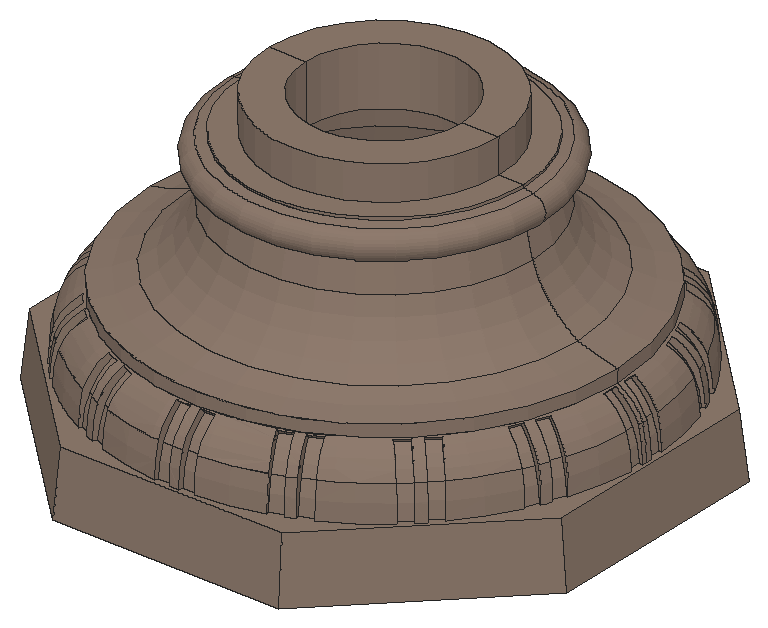
Revit family "CB9101", category Generic Models, Revit 2014
Parameters
  BASE = Bronze
Reference planes (in)
  plane 1 "Center (Front/Back)": y = 0
  plane 2: z = 0
  plane 3 "Center (Left/Right)": x = 0
Forms (in)
  Revolve 1, solid, material "Bronze" <- "BASE"
    sketch origin (0, 0, 0) x (1, 0, 0) y (0, 0, 1)
      loop
        line (-3.56, 6.8125) -> (-3.82264, 6.76636)
        arc (-3.82264, 6.76636) -> (-4.12487, 6.41592) -> (-3.8416, 6.04999) r 0.36563
        line (-3.8416, 6.04999) -> (-3.625, 6) -> (-3.80108, 5.23707)
        arc (-3.80108, 5.23707) -> (-4.23116, 4.40015) -> (-4.95177, 3.79506) r 2.38213
        arc (-4.95177, 3.79506) -> (-5.45809, 3.60819) -> (-5.98684, 3.5) r 3.55976
        line (-5.98684, 3.5) -> (-5.98684, 3.1875)
        arc (-5.98684, 3.1875) -> (-6.36021, 2.8908) -> (-6.61367, 2.48683) r 1.41371
        arc (-6.61367, 2.48683) -> (-6.69675, 2.0595) -> (-6.72368, 1.625) r 3.34891
        line (-6.72368, 1.625) -> (-6.21274, 1.625) -> (-6.21274, 1.88516)
        arc (-6.21274, 1.88516) -> (-6.01167, 2.49713) -> (-5.48684, 2.87059) r 1.03183
        line (-5.48684, 2.87059) -> (-5.48684, 3.08383)
        arc (-5.48684, 3.08383) -> (-5.10083, 3.19694) -> (-4.72791, 3.34768) r 4.05976
        arc (-4.72791, 3.34768) -> (-3.842, 4.08631) -> (-3.31712, 5.1134) r 2.87897
        line (-3.31712, 5.1134) -> (-3.0987, 6.05641)
        arc (-3.0987, 6.05641) -> (-3.0107, 6.19571) -> (-2.85514, 6.25) r 0.25
        line (-2.85514, 6.25) -> (-2, 6.25) -> (-2, 7.75) -> (-2.935, 7.75) -> (-2.935, 6.875) -> (-3.56, 6.875) -> (-3.56, 6.8125)
      axis (0, 7.75) -> (0, 1.625)
    angle from 0 to 360
  Extrusion 2, solid, material "Bronze" <- "BASE"
    sketch origin (0, 0, -6) x (1, 0, 0) y (0, 1, 0)
      loop
        line (7, 2.89949) -> (2.89949, 7) -> (-2.89949, 7) -> (-7, 2.89949) -> (-7, -2.89949) -> (-2.89949, -7) -> (2.89949, -7) -> (7, -2.89949) -> (7, 2.89949)
    from 6 to 7.625
  Extrusion 3, void
    sketch origin (0, 0, 0) x (1, 0, 0) y (0, 0, 1)
      loop
        arc (5.90118, 3.05066) -> (6.22275, 2.75915) -> (6.45095, 2.38995) r 1.55093
        arc (6.45095, 2.38995) -> (6.57525, 2.01571) -> (6.62857, 1.625) r 2.13374
        line (6.62857, 1.625) -> (6.72368, 1.625)
        arc (6.72368, 1.625) -> (6.69675, 2.0595) -> (6.61367, 2.48683) r 3.34891
        arc (6.61367, 2.48683) -> (6.37959, 2.88256) -> (6.02161, 3.17109) r 1.29032
        line (6.02161, 3.17109) -> (5.90118, 3.05066)
    from 0.125 to 0.5
  Extrusion 4, void
    sketch origin (0.0009, 0, 0) x (1, 0, 0) y (0, 0, 1)
      loop
        arc (5.90908, 3.05911) -> (6.21919, 2.77173) -> (6.44016, 2.41127) r 1.55093
        arc (6.44016, 2.41127) -> (6.56685, 2.02664) -> (6.61858, 1.625) r 2.13374
        line (6.61858, 1.625) -> (6.72368, 1.625)
        arc (6.72368, 1.625) -> (6.69675, 2.0595) -> (6.61367, 2.48683) r 3.34891
        arc (6.61367, 2.48683) -> (6.37946, 2.88271) -> (6.02126, 3.17128) r 1.29032
        line (6.02126, 3.17128) -> (5.90908, 3.05911)
    from -0.5 to -0.125
  Extrusion 5, void
    sketch origin (0, 0, 0) x (-1, 0, 0) y (0, 0, 1)
      loop
        arc (5.90118, 3.05066) -> (6.22275, 2.75915) -> (6.45095, 2.38995) r 1.55093
        arc (6.45095, 2.38995) -> (6.57525, 2.01571) -> (6.62857, 1.625) r 2.13374
        line (6.62857, 1.625) -> (6.72368, 1.625)
        arc (6.72368, 1.625) -> (6.69675, 2.0595) -> (6.61367, 2.48683) r 3.34891
        arc (6.61367, 2.48683) -> (6.37959, 2.88256) -> (6.02161, 3.17109) r 1.29032
        line (6.02161, 3.17109) -> (5.90118, 3.05066)
    from 0.125 to 0.5
  Extrusion 6, void
    sketch origin (-0.0009, 0, 0) x (-1, 0, 0) y (0, 0, 1)
      loop
        arc (5.90908, 3.05911) -> (6.21919, 2.77173) -> (6.44016, 2.41127) r 1.55093
        arc (6.44016, 2.41127) -> (6.56685, 2.02664) -> (6.61858, 1.625) r 2.13374
        line (6.61858, 1.625) -> (6.72368, 1.625)
        arc (6.72368, 1.625) -> (6.69675, 2.0595) -> (6.61367, 2.48683) r 3.34891
        arc (6.61367, 2.48683) -> (6.37946, 2.88271) -> (6.02126, 3.17128) r 1.29032
        line (6.02126, 3.17128) -> (5.90908, 3.05911)
    from -0.5 to -0.125
  Extrusion 7, void
    sketch origin (0, 0, 0) x (0.92388, -0.382683, 0) y (0, 0, 1)
      loop
        arc (5.90118, 3.05066) -> (6.22275, 2.75915) -> (6.45095, 2.38995) r 1.55093
        arc (6.45095, 2.38995) -> (6.57525, 2.01571) -> (6.62857, 1.625) r 2.13374
        line (6.62857, 1.625) -> (6.72368, 1.625)
        arc (6.72368, 1.625) -> (6.69675, 2.0595) -> (6.61367, 2.48683) r 3.34891
        arc (6.61367, 2.48683) -> (6.37959, 2.88256) -> (6.02161, 3.17109) r 1.29032
        line (6.02161, 3.17109) -> (5.90118, 3.05066)
    from 0.125 to 0.5
  Extrusion 8, void
    sketch origin (0.00083, -0.00034, 0) x (0.92388, -0.382683, 0) y (0, 0, 1)
      loop
        arc (5.90908, 3.05911) -> (6.21919, 2.77173) -> (6.44016, 2.41127) r 1.55093
        arc (6.44016, 2.41127) -> (6.56685, 2.02664) -> (6.61858, 1.625) r 2.13374
        line (6.61858, 1.625) -> (6.72368, 1.625)
        arc (6.72368, 1.625) -> (6.69675, 2.0595) -> (6.61367, 2.48683) r 3.34891
        arc (6.61367, 2.48683) -> (6.37946, 2.88271) -> (6.02126, 3.17128) r 1.29032
        line (6.02126, 3.17128) -> (5.90908, 3.05911)
    from -0.5 to -0.125
  Extrusion 9, void
    sketch origin (0, 0, 0) x (-0.92388, 0.382683, 0) y (0, 0, 1)
      loop
        arc (5.90118, 3.05066) -> (6.22275, 2.75915) -> (6.45095, 2.38995) r 1.55093
        arc (6.45095, 2.38995) -> (6.57525, 2.01571) -> (6.62857, 1.625) r 2.13374
        line (6.62857, 1.625) -> (6.72368, 1.625)
        arc (6.72368, 1.625) -> (6.69675, 2.0595) -> (6.61367, 2.48683) r 3.34891
        arc (6.61367, 2.48683) -> (6.37959, 2.88256) -> (6.02161, 3.17109) r 1.29032
        line (6.02161, 3.17109) -> (5.90118, 3.05066)
    from 0.125 to 0.5
  Extrusion 10, void
    sketch origin (-0.00083, 0.00034, 0) x (-0.92388, 0.382683, 0) y (0, 0, 1)
      loop
        arc (5.90908, 3.05911) -> (6.21919, 2.77173) -> (6.44016, 2.41127) r 1.55093
        arc (6.44016, 2.41127) -> (6.56685, 2.02664) -> (6.61858, 1.625) r 2.13374
        line (6.61858, 1.625) -> (6.72368, 1.625)
        arc (6.72368, 1.625) -> (6.69675, 2.0595) -> (6.61367, 2.48683) r 3.34891
        arc (6.61367, 2.48683) -> (6.37946, 2.88271) -> (6.02126, 3.17128) r 1.29032
        line (6.02126, 3.17128) -> (5.90908, 3.05911)
    from -0.5 to -0.125
  Extrusion 11, void
    sketch origin (0, 0, 0) x (0.707107, -0.707107, 0) y (0, 0, 1)
      loop
        arc (5.90118, 3.05066) -> (6.22275, 2.75915) -> (6.45095, 2.38995) r 1.55093
        arc (6.45095, 2.38995) -> (6.57525, 2.01571) -> (6.62857, 1.625) r 2.13374
        line (6.62857, 1.625) -> (6.72368, 1.625)
        arc (6.72368, 1.625) -> (6.69675, 2.0595) -> (6.61367, 2.48683) r 3.34891
        arc (6.61367, 2.48683) -> (6.37959, 2.88256) -> (6.02161, 3.17109) r 1.29032
        line (6.02161, 3.17109) -> (5.90118, 3.05066)
    from 0.125 to 0.5
  Extrusion 12, void
    sketch origin (0.00064, -0.00064, 0) x (0.707107, -0.707107, 0) y (0, 0, 1)
      loop
        arc (5.90908, 3.05911) -> (6.21919, 2.77173) -> (6.44016, 2.41127) r 1.55093
        arc (6.44016, 2.41127) -> (6.56685, 2.02664) -> (6.61858, 1.625) r 2.13374
        line (6.61858, 1.625) -> (6.72368, 1.625)
        arc (6.72368, 1.625) -> (6.69675, 2.0595) -> (6.61367, 2.48683) r 3.34891
        arc (6.61367, 2.48683) -> (6.37946, 2.88271) -> (6.02126, 3.17128) r 1.29032
        line (6.02126, 3.17128) -> (5.90908, 3.05911)
    from -0.5 to -0.125
  Extrusion 13, void
    sketch origin (0, 0, 0) x (-0.707107, 0.707107, 0) y (0, 0, 1)
      loop
        arc (5.90118, 3.05066) -> (6.22275, 2.75915) -> (6.45095, 2.38995) r 1.55093
        arc (6.45095, 2.38995) -> (6.57525, 2.01571) -> (6.62857, 1.625) r 2.13374
        line (6.62857, 1.625) -> (6.72368, 1.625)
        arc (6.72368, 1.625) -> (6.69675, 2.0595) -> (6.61367, 2.48683) r 3.34891
        arc (6.61367, 2.48683) -> (6.37959, 2.88256) -> (6.02161, 3.17109) r 1.29032
        line (6.02161, 3.17109) -> (5.90118, 3.05066)
    from 0.125 to 0.5
  Extrusion 14, void
    sketch origin (-0.00064, 0.00064, 0) x (-0.707107, 0.707107, 0) y (0, 0, 1)
      loop
        arc (5.90908, 3.05911) -> (6.21919, 2.77173) -> (6.44016, 2.41127) r 1.55093
        arc (6.44016, 2.41127) -> (6.56685, 2.02664) -> (6.61858, 1.625) r 2.13374
        line (6.61858, 1.625) -> (6.72368, 1.625)
        arc (6.72368, 1.625) -> (6.69675, 2.0595) -> (6.61367, 2.48683) r 3.34891
        arc (6.61367, 2.48683) -> (6.37946, 2.88271) -> (6.02126, 3.17128) r 1.29032
        line (6.02126, 3.17128) -> (5.90908, 3.05911)
    from -0.5 to -0.125
  Extrusion 15, void
    sketch origin (0, 0, 0) x (0.382683, -0.92388, 0) y (0, 0, 1)
      loop
        arc (5.90118, 3.05066) -> (6.22275, 2.75915) -> (6.45095, 2.38995) r 1.55093
        arc (6.45095, 2.38995) -> (6.57525, 2.01571) -> (6.62857, 1.625) r 2.13374
        line (6.62857, 1.625) -> (6.72368, 1.625)
        arc (6.72368, 1.625) -> (6.69675, 2.0595) -> (6.61367, 2.48683) r 3.34891
        arc (6.61367, 2.48683) -> (6.37959, 2.88256) -> (6.02161, 3.17109) r 1.29032
        line (6.02161, 3.17109) -> (5.90118, 3.05066)
    from 0.125 to 0.5
  Extrusion 16, void
    sketch origin (0.00034, -0.00083, 0) x (0.382683, -0.92388, 0) y (0, 0, 1)
      loop
        arc (5.90908, 3.05911) -> (6.21919, 2.77173) -> (6.44016, 2.41127) r 1.55093
        arc (6.44016, 2.41127) -> (6.56685, 2.02664) -> (6.61858, 1.625) r 2.13374
        line (6.61858, 1.625) -> (6.72368, 1.625)
        arc (6.72368, 1.625) -> (6.69675, 2.0595) -> (6.61367, 2.48683) r 3.34891
        arc (6.61367, 2.48683) -> (6.37946, 2.88271) -> (6.02126, 3.17128) r 1.29032
        line (6.02126, 3.17128) -> (5.90908, 3.05911)
    from -0.5 to -0.125
  Extrusion 17, void
    sketch origin (0, 0, 0) x (-0.382683, 0.92388, 0) y (0, 0, 1)
      loop
        arc (5.90118, 3.05066) -> (6.22275, 2.75915) -> (6.45095, 2.38995) r 1.55093
        arc (6.45095, 2.38995) -> (6.57525, 2.01571) -> (6.62857, 1.625) r 2.13374
        line (6.62857, 1.625) -> (6.72368, 1.625)
        arc (6.72368, 1.625) -> (6.69675, 2.0595) -> (6.61367, 2.48683) r 3.34891
        arc (6.61367, 2.48683) -> (6.37959, 2.88256) -> (6.02161, 3.17109) r 1.29032
        line (6.02161, 3.17109) -> (5.90118, 3.05066)
    from 0.125 to 0.5
  Extrusion 18, void
    sketch origin (-0.00034, 0.00083, 0) x (-0.382683, 0.92388, 0) y (0, 0, 1)
      loop
        arc (5.90908, 3.05911) -> (6.21919, 2.77173) -> (6.44016, 2.41127) r 1.55093
        arc (6.44016, 2.41127) -> (6.56685, 2.02664) -> (6.61858, 1.625) r 2.13374
        line (6.61858, 1.625) -> (6.72368, 1.625)
        arc (6.72368, 1.625) -> (6.69675, 2.0595) -> (6.61367, 2.48683) r 3.34891
        arc (6.61367, 2.48683) -> (6.37946, 2.88271) -> (6.02126, 3.17128) r 1.29032
        line (6.02126, 3.17128) -> (5.90908, 3.05911)
    from -0.5 to -0.125
  Extrusion 19, void
    sketch origin (0, 0, 0) x (0, -1, 0) y (0, 0, 1)
      loop
        arc (5.90118, 3.05066) -> (6.22275, 2.75915) -> (6.45095, 2.38995) r 1.55093
        arc (6.45095, 2.38995) -> (6.57525, 2.01571) -> (6.62857, 1.625) r 2.13374
        line (6.62857, 1.625) -> (6.72368, 1.625)
        arc (6.72368, 1.625) -> (6.69675, 2.0595) -> (6.61367, 2.48683) r 3.34891
        arc (6.61367, 2.48683) -> (6.37959, 2.88256) -> (6.02161, 3.17109) r 1.29032
        line (6.02161, 3.17109) -> (5.90118, 3.05066)
    from 0.125 to 0.5
  Extrusion 20, void
    sketch origin (0, -0.0009, 0) x (0, -1, 0) y (0, 0, 1)
      loop
        arc (5.90908, 3.05911) -> (6.21919, 2.77173) -> (6.44016, 2.41127) r 1.55093
        arc (6.44016, 2.41127) -> (6.56685, 2.02664) -> (6.61858, 1.625) r 2.13374
        line (6.61858, 1.625) -> (6.72368, 1.625)
        arc (6.72368, 1.625) -> (6.69675, 2.0595) -> (6.61367, 2.48683) r 3.34891
        arc (6.61367, 2.48683) -> (6.37946, 2.88271) -> (6.02126, 3.17128) r 1.29032
        line (6.02126, 3.17128) -> (5.90908, 3.05911)
    from -0.5 to -0.125
  Extrusion 21, void
    sketch origin (0, 0, 0) x (0, 1, 0) y (0, 0, 1)
      loop
        arc (5.90118, 3.05066) -> (6.22275, 2.75915) -> (6.45095, 2.38995) r 1.55093
        arc (6.45095, 2.38995) -> (6.57525, 2.01571) -> (6.62857, 1.625) r 2.13374
        line (6.62857, 1.625) -> (6.72368, 1.625)
        arc (6.72368, 1.625) -> (6.69675, 2.0595) -> (6.61367, 2.48683) r 3.34891
        arc (6.61367, 2.48683) -> (6.37959, 2.88256) -> (6.02161, 3.17109) r 1.29032
        line (6.02161, 3.17109) -> (5.90118, 3.05066)
    from 0.125 to 0.5
  Extrusion 22, void
    sketch origin (0, 0.0009, 0) x (0, 1, 0) y (0, 0, 1)
      loop
        arc (5.90908, 3.05911) -> (6.21919, 2.77173) -> (6.44016, 2.41127) r 1.55093
        arc (6.44016, 2.41127) -> (6.56685, 2.02664) -> (6.61858, 1.625) r 2.13374
        line (6.61858, 1.625) -> (6.72368, 1.625)
        arc (6.72368, 1.625) -> (6.69675, 2.0595) -> (6.61367, 2.48683) r 3.34891
        arc (6.61367, 2.48683) -> (6.37946, 2.88271) -> (6.02126, 3.17128) r 1.29032
        line (6.02126, 3.17128) -> (5.90908, 3.05911)
    from -0.5 to -0.125
  Extrusion 23, void
    sketch origin (0, 0, 0) x (-0.382683, -0.92388, 0) y (0, 0, 1)
      loop
        arc (5.90118, 3.05066) -> (6.22275, 2.75915) -> (6.45095, 2.38995) r 1.55093
        arc (6.45095, 2.38995) -> (6.57525, 2.01571) -> (6.62857, 1.625) r 2.13374
        line (6.62857, 1.625) -> (6.72368, 1.625)
        arc (6.72368, 1.625) -> (6.69675, 2.0595) -> (6.61367, 2.48683) r 3.34891
        arc (6.61367, 2.48683) -> (6.37959, 2.88256) -> (6.02161, 3.17109) r 1.29032
        line (6.02161, 3.17109) -> (5.90118, 3.05066)
    from 0.125 to 0.5
  Extrusion 24, void
    sketch origin (-0.00034, -0.00083, 0) x (-0.382683, -0.92388, 0) y (0, 0, 1)
      loop
        arc (5.90908, 3.05911) -> (6.21919, 2.77173) -> (6.44016, 2.41127) r 1.55093
        arc (6.44016, 2.41127) -> (6.56685, 2.02664) -> (6.61858, 1.625) r 2.13374
        line (6.61858, 1.625) -> (6.72368, 1.625)
        arc (6.72368, 1.625) -> (6.69675, 2.0595) -> (6.61367, 2.48683) r 3.34891
        arc (6.61367, 2.48683) -> (6.37946, 2.88271) -> (6.02126, 3.17128) r 1.29032
        line (6.02126, 3.17128) -> (5.90908, 3.05911)
    from -0.5 to -0.125
  Extrusion 25, void
    sketch origin (0, 0, 0) x (0.382683, 0.92388, 0) y (0, 0, 1)
      loop
        arc (5.90118, 3.05066) -> (6.22275, 2.75915) -> (6.45095, 2.38995) r 1.55093
        arc (6.45095, 2.38995) -> (6.57525, 2.01571) -> (6.62857, 1.625) r 2.13374
        line (6.62857, 1.625) -> (6.72368, 1.625)
        arc (6.72368, 1.625) -> (6.69675, 2.0595) -> (6.61367, 2.48683) r 3.34891
        arc (6.61367, 2.48683) -> (6.37959, 2.88256) -> (6.02161, 3.17109) r 1.29032
        line (6.02161, 3.17109) -> (5.90118, 3.05066)
    from 0.125 to 0.5
  Extrusion 26, void
    sketch origin (0.00034, 0.00083, 0) x (0.382683, 0.92388, 0) y (0, 0, 1)
      loop
        arc (5.90908, 3.05911) -> (6.21919, 2.77173) -> (6.44016, 2.41127) r 1.55093
        arc (6.44016, 2.41127) -> (6.56685, 2.02664) -> (6.61858, 1.625) r 2.13374
        line (6.61858, 1.625) -> (6.72368, 1.625)
        arc (6.72368, 1.625) -> (6.69675, 2.0595) -> (6.61367, 2.48683) r 3.34891
        arc (6.61367, 2.48683) -> (6.37946, 2.88271) -> (6.02126, 3.17128) r 1.29032
        line (6.02126, 3.17128) -> (5.90908, 3.05911)
    from -0.5 to -0.125
  Extrusion 27, void
    sketch origin (0, 0, 0) x (-0.716586, -0.697499, 0) y (0, 0, 1)
      loop
        arc (5.90118, 3.05066) -> (6.22275, 2.75915) -> (6.45095, 2.38995) r 1.55093
        arc (6.45095, 2.38995) -> (6.57525, 2.01571) -> (6.62857, 1.625) r 2.13374
        line (6.62857, 1.625) -> (6.72368, 1.625)
        arc (6.72368, 1.625) -> (6.69675, 2.0595) -> (6.61367, 2.48683) r 3.34891
        arc (6.61367, 2.48683) -> (6.37959, 2.88256) -> (6.02161, 3.17109) r 1.29032
        line (6.02161, 3.17109) -> (5.90118, 3.05066)
    from 0.125 to 0.5
  Extrusion 28, void
    sketch origin (-0.00064, -0.00063, 0) x (-0.716586, -0.697499, 0) y (0, 0, 1)
      loop
        arc (5.90908, 3.05911) -> (6.21919, 2.77173) -> (6.44016, 2.41127) r 1.55093
        arc (6.44016, 2.41127) -> (6.56685, 2.02664) -> (6.61858, 1.625) r 2.13374
        line (6.61858, 1.625) -> (6.72368, 1.625)
        arc (6.72368, 1.625) -> (6.69675, 2.0595) -> (6.61367, 2.48683) r 3.34891
        arc (6.61367, 2.48683) -> (6.37946, 2.88271) -> (6.02126, 3.17128) r 1.29032
        line (6.02126, 3.17128) -> (5.90908, 3.05911)
    from -0.5 to -0.125
  Extrusion 29, void
    sketch origin (0, 0, 0) x (0.716586, 0.697499, 0) y (0, 0, 1)
      loop
        arc (5.90118, 3.05066) -> (6.22275, 2.75915) -> (6.45095, 2.38995) r 1.55093
        arc (6.45095, 2.38995) -> (6.57525, 2.01571) -> (6.62857, 1.625) r 2.13374
        line (6.62857, 1.625) -> (6.72368, 1.625)
        arc (6.72368, 1.625) -> (6.69675, 2.0595) -> (6.61367, 2.48683) r 3.34891
        arc (6.61367, 2.48683) -> (6.37959, 2.88256) -> (6.02161, 3.17109) r 1.29032
        line (6.02161, 3.17109) -> (5.90118, 3.05066)
    from 0.125 to 0.5
  Extrusion 30, void
    sketch origin (0.00064, 0.00063, 0) x (0.716586, 0.697499, 0) y (0, 0, 1)
      loop
        arc (5.90908, 3.05911) -> (6.21919, 2.77173) -> (6.44016, 2.41127) r 1.55093
        arc (6.44016, 2.41127) -> (6.56685, 2.02664) -> (6.61858, 1.625) r 2.13374
        line (6.61858, 1.625) -> (6.72368, 1.625)
        arc (6.72368, 1.625) -> (6.69675, 2.0595) -> (6.61367, 2.48683) r 3.34891
        arc (6.61367, 2.48683) -> (6.37946, 2.88271) -> (6.02126, 3.17128) r 1.29032
        line (6.02126, 3.17128) -> (5.90908, 3.05911)
    from -0.5 to -0.125
  Extrusion 31, void
    sketch origin (0, 0, 0) x (-0.92388, -0.382683, 0) y (0, 0, 1)
      loop
        arc (5.90118, 3.05066) -> (6.22275, 2.75915) -> (6.45095, 2.38995) r 1.55093
        arc (6.45095, 2.38995) -> (6.57525, 2.01571) -> (6.62857, 1.625) r 2.13374
        line (6.62857, 1.625) -> (6.72368, 1.625)
        arc (6.72368, 1.625) -> (6.69675, 2.0595) -> (6.61367, 2.48683) r 3.34891
        arc (6.61367, 2.48683) -> (6.37959, 2.88256) -> (6.02161, 3.17109) r 1.29032
        line (6.02161, 3.17109) -> (5.90118, 3.05066)
    from 0.125 to 0.5
  Extrusion 32, void
    sketch origin (-0.00083, -0.00034, 0) x (-0.92388, -0.382683, 0) y (0, 0, 1)
      loop
        arc (5.90908, 3.05911) -> (6.21919, 2.77173) -> (6.44016, 2.41127) r 1.55093
        arc (6.44016, 2.41127) -> (6.56685, 2.02664) -> (6.61858, 1.625) r 2.13374
        line (6.61858, 1.625) -> (6.72368, 1.625)
        arc (6.72368, 1.625) -> (6.69675, 2.0595) -> (6.61367, 2.48683) r 3.34891
        arc (6.61367, 2.48683) -> (6.37946, 2.88271) -> (6.02126, 3.17128) r 1.29032
        line (6.02126, 3.17128) -> (5.90908, 3.05911)
    from -0.5 to -0.125
  Extrusion 33, void
    sketch origin (0, 0, 0) x (0.92388, 0.382683, 0) y (0, 0, 1)
      loop
        arc (5.90118, 3.05066) -> (6.22275, 2.75915) -> (6.45095, 2.38995) r 1.55093
        arc (6.45095, 2.38995) -> (6.57525, 2.01571) -> (6.62857, 1.625) r 2.13374
        line (6.62857, 1.625) -> (6.72368, 1.625)
        arc (6.72368, 1.625) -> (6.69675, 2.0595) -> (6.61367, 2.48683) r 3.34891
        arc (6.61367, 2.48683) -> (6.37959, 2.88256) -> (6.02161, 3.17109) r 1.29032
        line (6.02161, 3.17109) -> (5.90118, 3.05066)
    from 0.125 to 0.5
  Extrusion 34, void
    sketch origin (0.00083, 0.00034, 0) x (0.92388, 0.382683, 0) y (0, 0, 1)
      loop
        arc (5.90908, 3.05911) -> (6.21919, 2.77173) -> (6.44016, 2.41127) r 1.55093
        arc (6.44016, 2.41127) -> (6.56685, 2.02664) -> (6.61858, 1.625) r 2.13374
        line (6.61858, 1.625) -> (6.72368, 1.625)
        arc (6.72368, 1.625) -> (6.69675, 2.0595) -> (6.61367, 2.48683) r 3.34891
        arc (6.61367, 2.48683) -> (6.37946, 2.88271) -> (6.02126, 3.17128) r 1.29032
        line (6.02126, 3.17128) -> (5.90908, 3.05911)
    from -0.5 to -0.125
  Sweep 35, void
    path in 3D
      loop
        line (-7, -2.89949, 1.625) -> (-2.89949, -7, 1.625) -> (2.89949, -7, 1.625) -> (7, -2.89949, 1.625) -> (7, 2.89949, 1.625) -> (2.89949, 7, 1.625) -> (-2.89949, 7, 1.625) -> (-7, 2.89949, 1.625) -> (-7, -2.89949, 1.625)
    profile origin (-7, 0, 1.625) x (1, 0, 0) y (0, 0, 1)
      loop
        line (0, 0) -> (0, -1.625) -> (0.1875, 0) -> (0, 0)
Cuts and joins
  Extrusion 3, Extrusion 4, Extrusion 5, Extrusion 6, Extrusion 7, Extrusion 8, Extrusion 9, Extrusion 10, Extrusion 11, Extrusion 12, Extrusion 13, Extrusion 14, Extrusion 15, Extrusion 16, Extrusion 17, Extrusion 18, Extrusion 19, Extrusion 20, Extrusion 21, Extrusion 22, Extrusion 23, Extrusion 24, Extrusion 25, Extrusion 26, Extrusion 27, Extrusion 28, Extrusion 29, Extrusion 30, Extrusion 31, Extrusion 32, Extrusion 33, Extrusion 34 cuts Revolve 1
  Extrusion 5, Extrusion 7, Extrusion 8, Extrusion 9, Extrusion 10, Extrusion 11, Extrusion 12, Extrusion 13, Extrusion 14, Extrusion 15, Extrusion 16, Extrusion 17, Extrusion 18, Extrusion 19, Extrusion 20, Extrusion 21, Extrusion 22, Extrusion 23, Extrusion 24, Extrusion 25, Extrusion 26, Extrusion 27, Extrusion 28, Extrusion 29, Extrusion 30, Extrusion 31, Extrusion 32, Extrusion 33, Extrusion 34, Sweep 35 cuts Extrusion 2
Lines and regions (in)
  sketch lines
    curve 1: line (-7, 2.89949, 1.625) -> (-7, -2.89949, 1.625)
    curve 2: line (-7, -2.89949, 1.625) -> (-2.89949, -7, 1.625)
    curve 3: line (-2.89949, -7, 1.625) -> (2.89949, -7, 1.625)
    curve 4: line (2.89949, -7, 1.625) -> (7, -2.89949, 1.625)
    curve 5: line (7, -2.89949, 1.625) -> (7, 2.89949, 1.625)
    curve 6: line (7, 2.89949, 1.625) -> (2.89949, 7, 1.625)
    curve 7: line (2.89949, 7, 1.625) -> (-2.89949, 7, 1.625)
    curve 8: line (-2.89949, 7, 1.625) -> (-7, 2.89949, 1.625)
Dimensions and locks (in)
  aligned and locked: plane 2 to level
